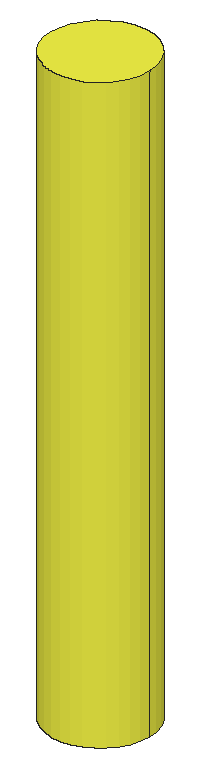
Revit family "127e7acc17934fae99944306d9c54bf0", category Site, Revit 2021
Family settings
  Round Connector Dimension = Use Diameter
  Part Type = Normal
  Seek Item ID = Bollard 2-0000-USA-ENU
  Work Plane-Based = No
  Always vertical = Yes
  Cut with Voids When Loaded = No
  Shared = No
Parameters (values of type "9" Diameter")
  Material = Metal - Paint Finish - Yellow, Matte
Reference planes (in)
  plane 1 "Center (Front/Back)": y = -3
  plane 2: z = 0
  plane 3 "Center (Left/Right)": x = 0
  plane 4: x = 3
  plane 5: y = -6
  plane 6: y = 0
  plane 7: x = -3
  plane 8: z = 36
Forms (in)
  Extrusion 1, solid, material "Metal - Paint Finish - Yellow, Matte" <- "Material"
    sketch origin (0, 0, 0) x (1, 0, 0) y (0, 1, 0)
      loop
        circle (0, -3) r 3
    from 0 to 36
Lines and regions (in)
  symbolic lines, style "Site Accessories"
    curve 1: arc (3, -3, 0) -> (0, 0, 0) -> (-3, -3, 0) r 3
    curve 2: arc (-3, -3, 0) -> (0, -6, 0) -> (3, -3, 0) r 3
Dimensions and locks (in)
  plane 7 to plane 4 = 0' - 6"
  plane 5 to plane 6 = 0' - 6"
  equal spacing: plane 7, plane 3 "Center (Left/Right)", plane 4
  equal spacing: plane 5, plane 1 "Center (Front/Back)", plane 6
  locked: plane 8 to plane 2 at 36
  aligned and locked: Extrusion 1 to plane 8
